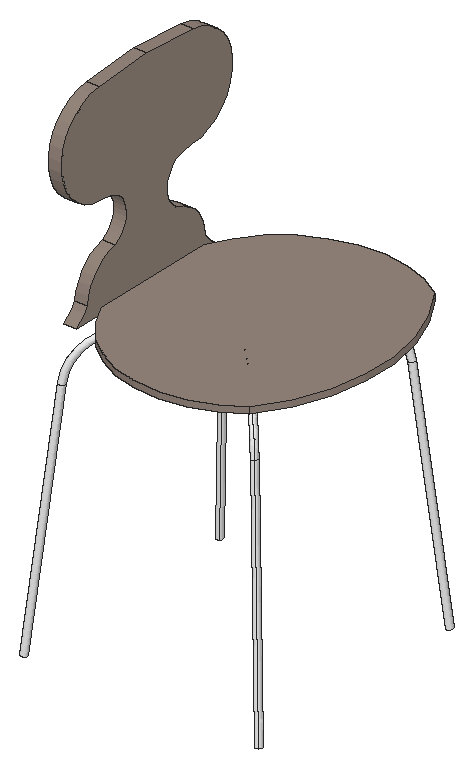
Revit family "Chair 1", category Furniture, Revit 2023
Family settings
  Work Plane-Based = No
  Enable Cutting in Views = No
  Always vertical = Yes
  Cut with Voids When Loaded = No
  Render Appearance Source = Family Geometry
  Shared = No
  Room Calculation Point = No
Parameters
  Keynote = "12600"
  Manufacturer = ""
  Default Elevation = 0 mm
  Bracket Material = Herman Miller - Finish 47 Trivalent Chrome
  Model = ""
  Cushion/Chair Back Material = Herman Miller - Veneer Z5 Maple
  BG_DIM_Width1 [instance] = 0 mm
  BG_DIM_Height1 [instance] = 0 mm
  BG_DIM_Depth1 [instance] = 0 mm
Reference planes
  plane 1 "Center F/B": y = -198.997
  plane 2: z = 0
  plane 3 "Center L/R": x = -1.022
Forms (mm)
  Sweep 1, solid, material "Herman Miller - Finish 47 Trivalent Chrome" <- "Bracket Material"
    path origin (61.052, -65.204, 45) x (0, 0, -1) y (0.707107, -0.707107, 0)
      loop
        line (45, -82.843) -> (-332.364, -36.508)
        arc (-332.364, -36.508) -> (-382.531, -10.114) -> (-402.615, 42.895) r 80
        line (-402.615, 42.895) -> (-402.615, 181.322)
    profile origin (18.855, -23.007, 188.682) x (-0.701836, 0.701836, 0.121869) y (-0.707107, -0.707107, 0)
      loop
        circle (0, 0) r 5
  Sweep 2, solid, material "Herman Miller - Finish 47 Trivalent Chrome" <- "Bracket Material"
    path origin (57.516, -325.168, 45) x (0, 0, -1) y (0.707107, 0.707107, 0)
      loop
        line (45, -82.843) -> (-332.364, -36.508)
        arc (-332.364, -36.508) -> (-382.531, -10.114) -> (-402.615, 42.895) r 80
        line (-402.615, 42.895) -> (-402.615, 181.322)
    profile origin (15.319, -367.364, 188.682) x (-0.701836, -0.701836, 0.121869) y (0.707107, -0.707107, 0)
      loop
        circle (0, 0) r 5
  Sweep 3, solid, material "Herman Miller - Finish 47 Trivalent Chrome" <- "Bracket Material"
    path origin (303.338, -65.204, 45) x (0, 0, -1) y (0.707107, 0.707107, 0)
      loop
        line (45, 82.843) -> (-332.364, 36.508)
        arc (-332.364, 36.508) -> (-382.531, 10.114) -> (-402.615, -42.895) r 80
        line (-402.615, -42.895) -> (-402.615, -181.322)
    profile origin (345.535, -23.007, 188.682) x (0.701836, 0.701836, 0.121869) y (-0.707107, 0.707107, 0)
      loop
        circle (0, 0) r 5
  Sweep 4, solid, material "Herman Miller - Finish 47 Trivalent Chrome" <- "Bracket Material"
    path origin (306.873, -325.168, 45) x (0, 0, -1) y (0.707107, -0.707107, 0)
      loop
        line (45, 82.843) -> (-332.364, 36.508)
        arc (-332.364, 36.508) -> (-382.531, 10.114) -> (-402.615, -42.895) r 80
        line (-402.615, -42.895) -> (-402.615, -181.322)
    profile origin (349.07, -367.364, 188.682) x (0.701836, -0.701836, 0.121869) y (0.707107, 0.707107, 0)
      loop
        circle (0, 0) r 5
  Extrusion 5, solid, material "Herman Miller - Veneer Z5 Maple" <- "Cushion/Chair Back Material"
    sketch origin (0, 0, 0) x (1, 0, 0) y (0, 1, 0)
      loop
        arc (340, -9.099) -> (152.776, 17.913) -> (32.728, -128.274) r 192.616
        line (32.728, -128.274) -> (32.728, -249.923)
        arc (32.728, -249.923) -> (152.776, -396.11) -> (340, -369.099) r 192.616
        arc (340, -369.099) -> (400.673, -189.099) -> (340, -9.099) r 297.34
    from 450 to 460
  Extrusion 6, solid, material "Herman Miller - Veneer Z5 Maple" <- "Cushion/Chair Back Material"
    sketch origin (390, -409.099, -27.081) x (0, 0, -1) y (0, 1, 0)
      loop
        arc (-498.809, 95.839) -> (-486.21, 86.065) -> (-477.081, 72.99) r 53.087
        line (-477.081, 72.99) -> (-477.081, 347.212)
        arc (-477.081, 347.212) -> (-486.21, 334.138) -> (-498.809, 324.364) r 53.087
        arc (-498.809, 324.364) -> (-539.073, 308.301) -> (-561.143, 270.989) r 67.175
        arc (-561.143, 270.989) -> (-601.737, 249.17) -> (-634.197, 281.887) r 38.521
        line (-634.197, 281.887) -> (-636.604, 298.938)
        arc (-636.604, 298.938) -> (-714.694, 376.726) -> (-796.127, 302.444) r 79.872
        line (-796.127, 302.444) -> (-802.584, 210.101) -> (-796.127, 117.759)
        arc (-796.127, 117.759) -> (-714.694, 43.477) -> (-636.604, 121.265) r 79.872
        line (-636.604, 121.265) -> (-634.197, 138.316)
        arc (-634.197, 138.316) -> (-601.737, 171.033) -> (-561.143, 149.213) r 38.521
        arc (-561.143, 149.213) -> (-539.073, 111.901) -> (-498.809, 95.839) r 67.175
    from -367.272 to -347.272
Dimensions and locks
  aligned and locked: plane 1 "Center F/B" to Extrusion 6
